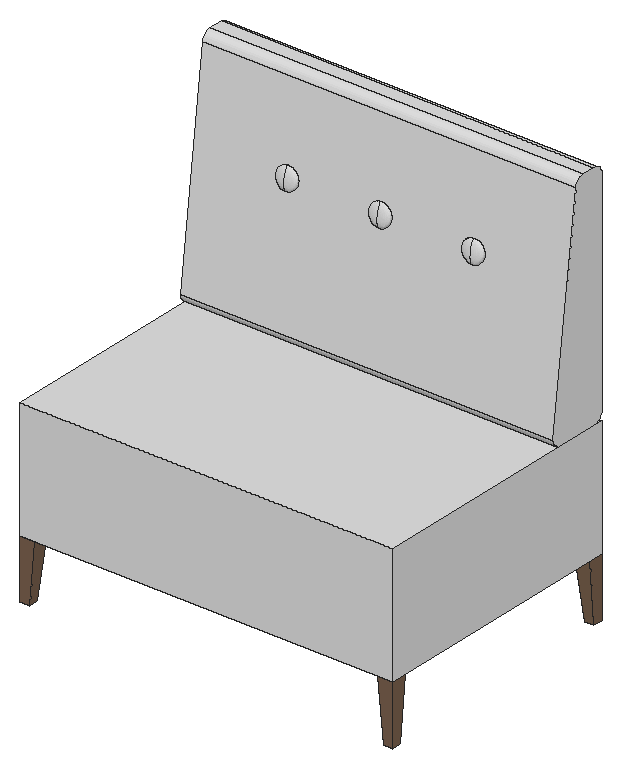
Revit family "FU_Chair_Sandler_LINEAR 1-1B", category Furniture, Revit 2020
Family settings
  OmniClass Number = 23.21.23.15.17
  Work Plane-Based = Yes
  Always vertical = No
  Cut with Voids When Loaded = No
  Shared = No
  Room Calculation Point = No
Parameters (values of type "LINEAR 1.1B")
  Youtube clip = ""
  Uniformat II Description = "Movable Furnishings"
  Uniformat II Code = ""
  Uniclass 2015 Name = ""
  Uniclass 2015 Code = ""
  Uniclass 2.0 Description = ""
  Uniclass 2.0 Code = ""
  Uniclass 1.4 Description = ""
  Uniclass 1.4 Code = ""
  UNSPSC Code = ""
  Technical description = ""
  Shell Material = Fabric - Gravity - Frost CPC32
  Frame Material = Wood - Beech - Walnut
  Region South America = "All"
  Region Oceania = "All"
  Region North America = "All"
  Region Middle East = "All"
  Region Europe = "All"
  Region Asia = "All"
  Region Antarctica = "All"
  Region Africa = "All"
  QR code = "https://www.sandlerseating.com/product/linear-1-1b/"
  Product url = "https://www.sandlerseating.com/product/linear-1-1b/"
  Product name = "LINEAR 1.1B"
  Product group = "Chair"
  Product family = "Furniture"
  Product data url = "https://www.sandlerseating.com/product/linear-1-1b/"
  Product certification = ""
  Product SKU = "??"
  Product Guid = "??"
  OmniClass Description = ""
  OmniClass Code = "23-21 23 15 17"
  NBS Reference Description = ""
  NBS Reference Code = ""
  Model = "LINEAR 1.1B"
  Masterformat 2014 Description = "Chair Mats"
  Masterformat 2014 Code = "12 48 43.13"
  Manufacturer name = "Sandler"
  Manufacturer country = "USA"
  Manufacturer = "Sandler"
  Installation instructions = ""
  IFC Classification = "Furnishing Element"
  GTIN code = ""
  Edition number = 1
  Design country = "Brasil"
  Description = "Chair"
  Default Elevation = 0.000 mm
  Date of publishing = ""
  COBIe Type Category = ""
  Brand url = "https://www.sandlerseating.com/"
  BIMobject main category code = "furniture"
  BIMobject main category = "Furniture"
  BIMobject category code = "furniture-chair"
  BIMobject category = "Chair"
Reference planes
  plane 1 "Center Front/Back": y = 0
  plane 2: z = 0
  plane 3 "Center Left/Right": x = 0
  plane 4 "button": through (12192, 187.79, 502.799) normal (0, -0.9917, 0.1289)
Forms (mm)
  Extrusion 1, solid, material "Fabric - Gravity - Frost CPC32" <- "Shell Material"
    sketch origin (0, 0, 20) x (0, -1, 0) y (0, 0, 1)
      loop
        line (-350, 460) -> (-350, 140) -> (350, 140) -> (350, 460) -> (-350, 460)
    from -500 to 500
  Extrusion 2, solid, material "Fabric - Gravity - Frost CPC32" <- "Shell Material"
    sketch origin (0, 0, 0) x (0, -1, 0) y (0, 0, 1)
      loop
        line (-350, 1075) -> (-350, 505)
        arc (-350, 505) -> (-342.678, 487.322) -> (-325, 480) r 25
        line (-325, 480) -> (-212.693, 480)
        arc (-212.693, 480) -> (-195.811, 486.561) -> (-187.79, 502.799) r 25
        line (-187.79, 502.799) -> (-262.598, 1078.223)
        arc (-262.598, 1078.223) -> (-270.891, 1093.783) -> (-287.39, 1100) r 25
        line (-287.39, 1100) -> (-325, 1100)
        arc (-325, 1100) -> (-342.678, 1092.678) -> (-350, 1075) r 25
    from -500 to 500
  Blend 3, solid, material "Wood - Beech - Walnut" <- "Frame Material"
    base sketch origin (0, 0, 840) x (0, 1, 0) y (-1, 0, 0)
      loop
        line (-350, 500) -> (-350, 460) -> (-310, 460) -> (-310, 500) -> (-350, 500)
    top sketch origin (0, 0, 840) x (0, 1, 0) y (-1, 0, 0)
      loop
        line (-350, 500) -> (-350, 475) -> (-325, 475) -> (-325, 500) -> (-350, 500)
    from -680 to -840
  Blend 4, solid, material "Wood - Beech - Walnut" <- "Frame Material"
    base sketch origin (0, 0, 840) x (0, 1, 0) y (-1, 0, 0)
      loop
        line (-350, -500) -> (-310, -500) -> (-310, -460) -> (-350, -460) -> (-350, -500)
    top sketch origin (0, 0, 840) x (0, 1, 0) y (-1, 0, 0)
      loop
        line (-350, -500) -> (-325, -500) -> (-325, -475) -> (-350, -475) -> (-350, -500)
    from -680 to -840
  Blend 5, solid, material "Wood - Beech - Walnut" <- "Frame Material"
    base sketch origin (0, 0, 840) x (0, -1, 0) y (1, 0, 0)
      loop
        line (-350, -500) -> (-310, -500) -> (-310, -460) -> (-350, -460) -> (-350, -500)
    top sketch origin (0, 0, 840) x (0, -1, 0) y (1, 0, 0)
      loop
        line (-350, -500) -> (-325, -500) -> (-325, -475) -> (-350, -475) -> (-350, -500)
    from -680 to -840
  Blend 6, solid, material "Wood - Beech - Walnut" <- "Frame Material"
    base sketch origin (0, 0, 840) x (0, -1, 0) y (1, 0, 0)
      loop
        line (-350, 500) -> (-350, 460) -> (-310, 460) -> (-310, 500) -> (-350, 500)
    top sketch origin (0, 0, 840) x (0, -1, 0) y (1, 0, 0)
      loop
        line (-350, 500) -> (-350, 475) -> (-325, 475) -> (-325, 500) -> (-350, 500)
    from -680 to -840
  Revolve 7, solid, material "Fabric - Gravity - Frost CPC32" <- "Shell Material"
    sketch origin (-250, 0, 0) x (0, 1, 0) y (0, 0, 1)
      loop
        line (242.987, 849.809) -> (223.154, 852.388)
        spline (223.154, 852.388) -> (222.491, 844.644) -> (222.549, 837.34) -> (223.324, 830.974) -> (224.763, 825.979) -> (226.768, 822.696) -> (229.203, 821.349) -> (231.902, 822.029) -> (234.68, 824.69) -> (237.348, 829.151) -> (239.725, 835.107) -> (241.648, 842.154) -> (242.987, 849.809)
      axis (223.154, 852.388) -> (242.987, 849.809)
    angle from 0 to 360
  Revolve 8, solid, material "Fabric - Gravity - Frost CPC32" <- "Shell Material"
    sketch origin (0, 0, 0) x (0, 1, 0) y (0, 0, 1)
      loop
        line (242.987, 849.809) -> (223.154, 852.388)
        spline (223.154, 852.388) -> (222.491, 844.644) -> (222.549, 837.34) -> (223.324, 830.974) -> (224.763, 825.979) -> (226.768, 822.696) -> (229.203, 821.349) -> (231.902, 822.029) -> (234.68, 824.69) -> (237.348, 829.151) -> (239.725, 835.107) -> (241.648, 842.154) -> (242.987, 849.809)
      axis (223.154, 852.388) -> (242.987, 849.809)
    angle from 0 to 360
  Revolve 9, solid, material "Fabric - Gravity - Frost CPC32" <- "Shell Material"
    sketch origin (250, 0, 0) x (0, 1, 0) y (0, 0, 1)
      loop
        line (242.987, 849.809) -> (223.154, 852.388)
        spline (223.154, 852.388) -> (222.491, 844.644) -> (222.549, 837.34) -> (223.324, 830.974) -> (224.763, 825.979) -> (226.768, 822.696) -> (229.203, 821.349) -> (231.902, 822.029) -> (234.68, 824.69) -> (237.348, 829.151) -> (239.725, 835.107) -> (241.648, 842.154) -> (242.987, 849.809)
      axis (223.154, 852.388) -> (242.987, 849.809)
    angle from 0 to 360
Dimensions and locks
  aligned and locked: level to plane 2
